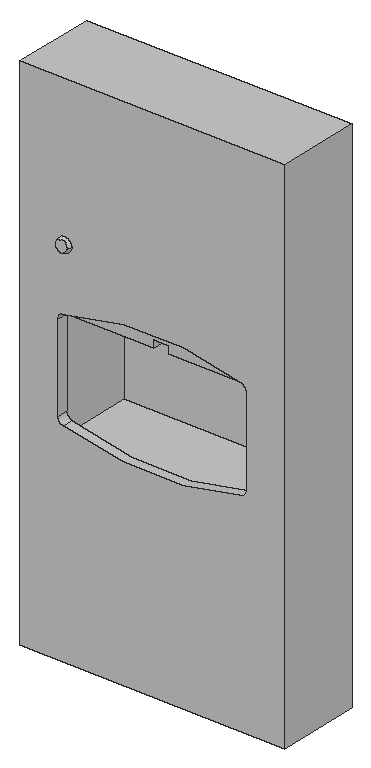
Revit family "Paper Dispenser and Waste_Metlam_Surface Mounted_6.5L Waste", category Specialty Equipment, Revit 2016
Family settings
  Part Type = Normal
  Round Connector Dimension = Use Diameter
  OmniClass Number = 23.40.20.21.17
  OmniClass Title = Paper Towel Dispensers, Disposal Units
  Work Plane-Based = No
  Always vertical = Yes
  Cut with Voids When Loaded = No
  Shared = No
  Room Calculation Point = Yes
Parameters (values of type "365w x 115d x 720h (ML710_SMMK2)")
  URL = "http://www.metlam.com.au/"
  Type Comments = "2 in 1 Combo Units"  # constant formula
  Model = "ML710_SMMK2"
  Material_ANZRS = z_Metlam_Metal_Stainless Steel_Satin
  Manufacturer_URL__Product Specific = "https://metlam.com.au/product/content/paper-towel-dispenser-comb-units/ML710_SMMK2"
  Manufacturer_Spec Code = Model  # "ML710_SMMK2"
  Manufacturer_Overall Width = 365 mm  # constant formula
  Manufacturer_Overall Height = 720 mm  # constant formula
  Manufacturer_Overall Depth = 115 mm  # constant formula
  Manufacturer_Height From FFL [instance] = 930 mm
  Manufacturer = "Metlam"  # constant formula
  Description = "Paper Towel Dispenser & Waste Receptacle - Surface Mounted"
  CreatedBy_ANZRS = "IGS BIM Solutions"  # constant formula
  CreatedByURL_ANZRS = "http://www.igsgroup.com.au/"
  Assembly Code = ""
Reference planes
  plane 1 "Back": y = 0
  plane 2 "Ref. Level": z = 0
  plane 3 "Center (Left/Right)": x = 0
  plane 4 "Left": x = -182.5
  plane 5 "Right": x = 182.5
  plane 6 "Recessed Flush_Back": y = -100
  plane 7 "Front": y = -115
  plane 8 "Top": z = 1650
  plane 9 "Mounting Height": z = 1350.1
  plane 10 "Bottom": z = 930
Forms (mm)
  Extrusion 1, solid, material "z_Metlam_Metal_Stainless Steel_Satin" <- "Material_ANZRS"
    sketch origin (0, 0, 1324.9) x (1, 0, 0) y (0, 0, 1)
      loop
        line (-162, -372.4) -> (162, -372.4) -> (162, 302.6) -> (-162, 302.6) -> (-162, -372.4)
      loop
        line (-160, -370.4) -> (160, -370.4) -> (160, 300.6) -> (-160, 300.6) -> (-160, -370.4)
    from 0 to 97
  Extrusion 2, solid, material "z_Metlam_Metal_Stainless Steel_Satin" <- "Material_ANZRS"
    sketch origin (0, 0, 1324.9) x (1, 0, 0) y (0, 0, 1)
      loop
        line (-162, -372.4) -> (162, -372.4) -> (162, 302.6) -> (-162, 302.6) -> (-162, -372.4)
    from 0 to 2
  Extrusion 3, solid, material "z_Metlam_Metal_Stainless Steel_Satin" <- "Material_ANZRS"
    sketch origin (0, 0, 1324.9) x (1, 0, 0) y (0, 0, 1)
      loop
        line (182.5, 325.1) -> (-182.5, 325.1) -> (-182.5, -394.9) -> (182.5, -394.9) -> (182.5, 325.1)
      loop
        arc (-122.84, 34.789) -> (-128.013, 31.184) -> (-130, 25.201) r 10
        line (-130, 25.201) -> (-130, -95)
        arc (-130, -95) -> (-128.013, -100.983) -> (-122.84, -104.588) r 10
        arc (-122.84, -104.588) -> (0, -122.4) -> (122.84, -104.588) r 432.5
        arc (122.84, -104.588) -> (128.013, -100.983) -> (130, -95) r 10
        line (130, -95) -> (130, 25.201)
        arc (130, 25.201) -> (128.013, 31.184) -> (122.84, 34.789) r 10
        arc (122.84, 34.789) -> (0, 52.6) -> (-122.84, 34.789) r 432.5
    from 100 to 115
  Extrusion 4, solid, material "z_Metlam_Metal_Stainless Steel_Satin" <- "Material_ANZRS"
    sketch origin (0, 70, 2114.9) x (1, 0, 0) y (0, 0, 1)
      loop
        line (-130, -737.4) -> (-130, -764.799) -> (-10, -764.799) -> (-10, -754.799) -> (10, -754.799) -> (10, -764.799) -> (130, -764.799) -> (130, -737.4) -> (-130, -737.4)
    from 170 to 152
  Extrusion 5, solid, material "z_Metlam_Metal_Stainless Steel_Satin" <- "Material_ANZRS"
    sketch origin (0, 0, 1324.9) x (1, 0, 0) y (0, 0, 1)
      loop
        line (-130, 52.6) -> (-130, -122.4) -> (130, -122.4) -> (130, 52.6) -> (-130, 52.6)
      loop
        line (-131.6, 54.2) -> (-131.6, -124) -> (131.6, -124) -> (131.6, 54.2) -> (-131.6, 54.2)
    from 2 to 100
  Blend 6, solid, material "z_Metlam_Metal_Stainless Steel_Satin" <- "Material_ANZRS", detail levels medium+fine
    base sketch origin (0, -115, 494.9) x (1, 0, 0) y (0, 0, 1)
      loop
        circle (-121.537, 950.198) r 10
    top sketch origin (0, -115, 494.9) x (1, 0, 0) y (0, 0, 1)
      loop
        circle (-121.537, 950.198) r 8
    from 0 to 4.649
  Extrusion 7, solid, material "z_Metlam_Metal_Stainless Steel_Satin" <- "Material_ANZRS"
    sketch origin (0, -115, 494.9) x (1, 0, 0) y (0, 0, 1)
      loop
        line (-182.5, 1155.1) -> (-182.5, 435.1) -> (182.5, 435.1) -> (182.5, 1155.1) -> (-182.5, 1155.1)
      loop
        line (180.5, 1153.1) -> (-180.5, 1153.1) -> (-180.5, 437.1) -> (180.5, 437.1) -> (180.5, 1153.1)
    from -115 to -15
Cuts and joins
  joined: Extrusion 1, Extrusion 2
  joined: Extrusion 3, Extrusion 7
Lines and regions (mm)
  Masking region 1
    outline origin (0, 0, 0) x (1, 0, 0) y (0, 1, 0)
      loop
        line (182.5, 0) -> (-182.5, 0) -> (-182.5, -115) -> (182.5, -115) -> (182.5, 0)
  symbolic lines, style "Bathroom Fixtures", detail levels medium+fine
    curve 1: line (-182.5, -100, 0) -> (182.5, -100, 0)
Text (mm)
  text "> Contact Manufacturer to confirm feasibility of design variations outside the scope of this Revit Family\n\n\n\nDisclaimer:\n\nDue to ongoing product development and manufacturing evolution, product details are subject to change without notice. Please refer to product technical data sheets on the manufacturer’s website for the most current product information. Please allow a +/- 5mm manufacturing tolerance for dimensions and set-outs shown in product literature." at (350.247, 126.237, 0), in view "Ref. Level_Instruction"
Dimensions and locks
  equal spacing: plane 4 "Left", plane 3 "Center (Left/Right)", plane 5 "Right"
  "Manufacturer_Overall Width": plane 4 "Left" to plane 5 "Right"
  "Manufacturer_Overall Depth": plane 7 "Front" to plane 1 "Back"
  Extrusion 1 sketch curve to Extrusion 1 sketch curve to plane 10 "Bottom" = 2 mm locked, 22.5 mm locked
  plane 8 "Top" to Extrusion 1 sketch curve to Extrusion 1 sketch curve = 22.5 mm locked, 2 mm locked
  Extrusion 1 sketch curve to Extrusion 1 sketch curve to plane 4 "Left" = 2 mm locked, 20.5 mm locked
  Extrusion 1 sketch curve to Extrusion 1 sketch curve to plane 5 "Right" = 2 mm locked, 20.5 mm locked
  "Manufacturer_Height From FFL": plane 10 "Bottom" to level
  "Manufacturer_Overall Height": plane 8 "Top" to plane 10 "Bottom"
  locked: Extrusion 3 sketch curve to Extrusion 3 sketch curve at 52.5  (x2)
  locked: Extrusion 3 sketch curve to Extrusion 3 sketch curve at 272.5  (x2)
  locked: Extrusion 3 to Extrusion 7 sketch curve at 2  (x3)
  locked: Extrusion 7 sketch curve to Extrusion 3 at 2
  locked: plane 9 "Mounting Height" to plane 10 "Bottom" at 420.1
  locked: plane 7 "Front" to plane 6 "Recessed Flush_Back" at 15
  aligned and locked: plane 2 "Ref. Level" to level
  aligned and locked: Extrusion 3 sketch curve to plane 8 "Top"
  aligned and locked: Extrusion 2 sketch curve to cut or joined group of Extrusion 1, Extrusion 2  (x4)
  aligned and locked: plane 7 "Front" to Extrusion 3
  aligned and locked: Extrusion 3 to plane 6 "Recessed Flush_Back"
  aligned and locked: plane 6 "Recessed Flush_Back" to Extrusion 5
  aligned and locked: Extrusion 5 to cut or joined group of Extrusion 1, Extrusion 2
  aligned and locked: Extrusion 3 sketch curve to plane 10 "Bottom"
  aligned and locked: plane 6 "Recessed Flush_Back" to Extrusion 4
  aligned and locked: plane 8 "Top" to Extrusion 3  (x2)
  aligned and locked: Extrusion 3 to plane 4 "Left"
  aligned and locked: Extrusion 3 to plane 5 "Right"
  aligned and locked: Extrusion 3 to plane 10 "Bottom"  (x2)
  aligned and locked: plane 4 "Left" to Extrusion 3 sketch curve
  aligned and locked: plane 5 "Right" to Extrusion 3 sketch curve
  aligned and locked: Blend 6 to Extrusion 3
  aligned and locked: Masking region 1 sketch curve to cut or joined group of Extrusion 1, Extrusion 2
  aligned and locked: Masking region 1 sketch curve to Extrusion 3  (x2)
  aligned and locked: Extrusion 7 sketch curve to Extrusion 3  (x4)
  aligned and locked: Extrusion 7 to cut or joined group of Extrusion 1, Extrusion 2
  aligned and locked: Extrusion 7 to Extrusion 3
  aligned and locked: plane 8 "Top" to Extrusion 7
  aligned and locked: Extrusion 7 to plane 10 "Bottom"
  aligned and locked: curve 1 to Extrusion 7
Automatic sketch dimensions
  Extrusion 3 sketch curve to Extrusion 3 sketch curve = 7.16 mm  (x2)
  Extrusion 3 sketch curve to Extrusion 3 sketch curve = 0 mm  (x4)
  Extrusion 3 sketch curve to Extrusion 3 sketch curve = 10 mm
  Extrusion 3 sketch curve to Extrusion 3 sketch curve = 2.84 mm  (x2)
  Extrusion 3 sketch curve to plane 8 "Top" = 15 mm
  plane 9 "Mounting Height" to Extrusion 3 sketch curve = 0 mm
  plane 4 "Left" to Extrusion 4 sketch curve = 52.5 mm
  Extrusion 4 sketch curve to plane 3 "Center (Left/Right)" = 10 mm
  plane 3 "Center (Left/Right)" to Extrusion 4 sketch curve = 10 mm
  Extrusion 4 sketch curve to plane 9 "Mounting Height" = 27.4 mm
  plane 5 "Right" to Extrusion 4 sketch curve = 52.5 mm
  Extrusion 4 sketch curve to plane 9 "Mounting Height" = 10 mm
  plane 4 "Left" to Extrusion 5 sketch curve = 50.9 mm
  Extrusion 5 sketch curve to Extrusion 5 sketch curve = 1.6 mm  (x4)
  plane 5 "Right" to Extrusion 5 sketch curve = 52.5 mm
  plane 10 "Bottom" to Extrusion 5 sketch curve = 270.9 mm
  Extrusion 5 sketch curve to plane 9 "Mounting Height" = 27.4 mm
  Extrusion 3 sketch curve to plane 3 "Center (Left/Right)" = 0 mm
  Extrusion 4 sketch curve to Extrusion 4 sketch curve = 10 mm  (x2)
  Blend 6 sketch curve to plane 9 "Mounting Height" = 94.997 mm  (x2)
  plane 4 "Left" to Blend 6 sketch curve = 60.963 mm  (x2)
  plane 6 "Recessed Flush_Back" to curve 1 = 0 mm
  curve 1 to plane 4 "Left" = 0 mm
  curve 1 to plane 5 "Right" = 0 mm
  plane 7 "Front" to Masking region 1 sketch curve = 0 mm
  radius of Blend 6 sketch curve = 10 mm
  radius of Blend 6 sketch curve = 8 mm
